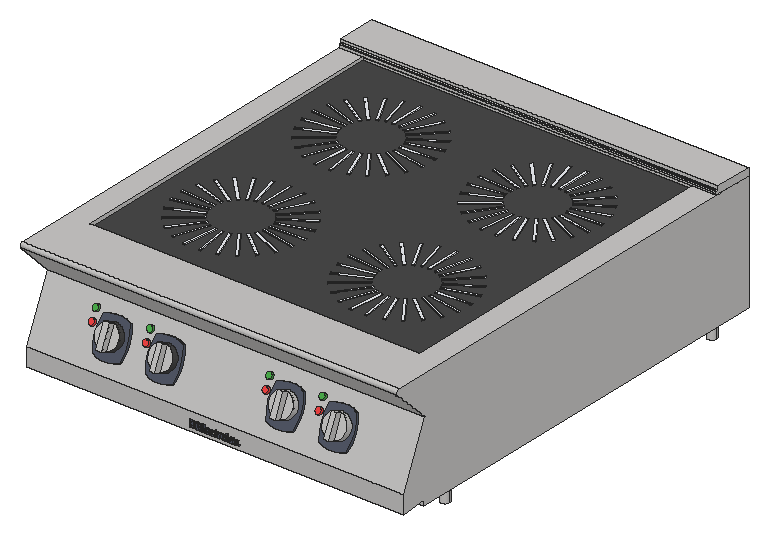
Revit family "QF_ELECTROLUXPROFESSIONAL_391169_E9INEH400N", category Specialty Equipment, Revit 2018
Family settings
  Round Connector Dimension = Use Diameter
  Part Type = Normal
  Work Plane-Based = No
  Always vertical = Yes
  Cut with Voids When Loaded = No
  Shared = No
  Room Calculation Point = No
Parameters
  Width = 800 mm  # constant formula
  Weight in Pounds = 75  # constant formula
  Watts = 20000 VA  # 20000 W
  Volts = 230 V  # constant formula
  URL Cutsheet = "www.electrolux.com/foodservice"
  URL = "www.electrolux.com/foodservice"
  Type Mark [instance] = ""
  Status [instance] = ""
  Specification by User [instance] = ""
  Specification by Manufacturer = ""
  Show Logo [instance] = yes
  Show Clearance [instance] = yes
  Serial Number = ""
  Seismic Rating = ""
  SMACNA No = ""
  Revision Code [instance] = ""
  Phase = 3  # constant formula
  Omniclass Number and Title = ""
  Number of Poles [instance] = 1
  NAFEM Spec ID Number = ""
  Model = "391169"
  Min Ckt Ampacity = 0 A
  Max Overcurrent Protection = 0 A
  Masterspec = ""
  Manufacturer = "ELECTROLUX"
  Item Number [instance] = ""
  Installed By [instance] = ""
  Identify Quantity as Lot [instance] = yes
  Height = 290 mm  # constant formula
  HP = "26.8 HP"
  Furnished By [instance] = ""
  Foodservice Equipment Identifier [instance] = yes
  FL Amps = if(Phase = 3, Watts / (Volts * 1.73), Watts / Volts)  # 50.2639 A
  Electrical Remarks [instance] = "230 V/3 ph/50/60 Hz"  # constant formula
  Electric Connection Type [instance] = ""
  Elec Conn RI Height [instance] = 0 mm
  Elec Conn Connection Height [instance] = 0 mm
  Direct Waste Size = 0"
  Description = "900XP 4 ZONE ELECTRIC INDUCTION COOKING TOP -230 V"
  Depth = 930 mm  # constant formula
  Cycle = if([60 Hertz Option], 60 Hz, 50 Hz)  # 60 Hz
  Conn Plug = ""
  Conn Conduit = yes
  CSI MasterFormat = ""
  CSI Master Format = ""
  Base Height [instance] = 24 mm  # constant formula
  Apparent Power = if(Phase = 3, Volts * FL Amps * 1.73, Volts * FL Amps)  # 20000 VA
  60 Hertz Option = not([50 Hertz Option])  # yes
  50 Hertz Option = no
Reference planes
  plane 1 "BACK": y = 0
  plane 2: z = 0
  plane 3 "LEFT": x = 0
  plane 4 "RIGHT": x = 800
  plane 5 "FRONT": y = -930
  plane 6 "TOP": z = 290
  plane 7 "Center Y": x = 400
  plane 8 "Center X": y = -465
  plane 9 "BASE": z = 24
  plane 10 "TOP A": z = 275
  plane 11: y = -790
  plane 12: y = -82
Forms (mm)
  Extrusion 1, solid, material "QF_Finishes_Stainless Steel"
    sketch origin (0, 0, 0) x (0, 1, 0) y (0, 0, 1)
      loop
        line (0, 275) -> (-925.027, 275)
        arc (-925.027, 275) -> (-930.893, 271.08) -> (-929.517, 264.16) r 6.35
        line (-929.517, 264.16) -> (-857.416, 191.809) -> (-913.522, 69.19) -> (-913.522, 31.09) -> (-860.4, 36.7) -> (-860.4, 24) -> (0, 24) -> (0, 275)
    from 0 to 800
  Extrusion 2, void
    sketch origin (0, 0, 275) x (-1, 0, 0) y (0, -1, 0)
      loop
        line (-50, 85) -> (-50, 810) -> (-750, 810) -> (-750, 85) -> (-50, 85)
    from 0 to -6.35
  Extrusion 3, solid, material "QF_Finishes_Stainless Steel"
    sketch origin (0, 0, 0) x (1, 0, 0) y (0, 1, 0)
      loop
        circle (11.112, -82) r 9.525
      loop
        circle (788.887, -82) r 9.525
    from 0 to 24
  Extrusion 4, solid, material "QF_Clearances", visible <- "Show Clearance", detail levels coarse
    sketch origin (0, 0, 0) x (1, 0, 0) y (0, 1, 0)
      loop
        line (0, -931.377) -> (0, 0) -> (800, 0) -> (800, -931.377) -> (950.019, -931.377) -> (950.019, 150.019) -> (-150.019, 150.019) -> (-150.019, -931.377) -> (0, -931.377)
    from 0 to 290
  Extrusion 5, solid, material "QF_Finishes_Navy Blue", visible <- "Show Logo"
    sketch origin (0, -913.522, 31.09) x (0, 0, 1) y (-1, 0, 0)
      loop
        line (22.074, -354.445) -> (9.707, -354.445)
        arc (9.707, -354.445) -> (15.891, -359.016) -> (22.074, -354.445) r 6.467
      loop
        arc (22.074, -353.816) -> (20.905, -348.673) -> (16.249, -346.195) r 6.338
        line (16.249, -346.195) -> (16.249, -348.241)
        arc (16.249, -348.241) -> (17.733, -351.896) -> (21.178, -353.816) r 5.941
        line (21.178, -353.816) -> (22.074, -353.816)
      loop
        arc (10.603, -353.816) -> (14.048, -351.896) -> (15.532, -348.241) r 5.941
        line (15.532, -348.241) -> (15.532, -346.195)
        arc (15.532, -346.195) -> (10.838, -348.669) -> (9.548, -353.816) r 6.504
        line (9.548, -353.816) -> (10.603, -353.816)
      loop
        line (22.749, -345.726) -> (9.004, -345.726) -> (9.004, -359.489) -> (22.749, -359.489) -> (22.749, -345.726)
      loop
        arc (22.832, -362.456) -> (22.485, -362.099) -> (22.118, -362.436) r 0.358
        arc (22.118, -362.436) -> (21.804, -363.187) -> (21.087, -363.572) r 1.216
        line (21.087, -363.572) -> (10.674, -363.572)
        arc (10.674, -363.572) -> (10.014, -363.294) -> (9.618, -362.698) r 1.238
        arc (9.618, -362.698) -> (9.223, -362.447) -> (8.918, -362.801) r 0.358
        line (8.918, -362.801) -> (8.918, -372.68) -> (11.669, -372.68) -> (11.669, -371.782)
        arc (11.669, -371.782) -> (10.76, -371.203) -> (10.304, -370.225) r 1.928
        line (10.304, -370.225) -> (10.304, -367.726)
        arc (10.304, -367.726) -> (10.58, -366.998) -> (11.268, -366.634) r 1.101
        line (11.268, -366.634) -> (15.355, -366.634) -> (15.355, -370.307)
        arc (15.355, -370.307) -> (15.002, -370.804) -> (14.437, -371.032) r 1.083
        arc (14.437, -371.032) -> (14.173, -371.337) -> (14.465, -371.615) r 0.292
        line (14.465, -371.615) -> (17.428, -371.615)
        arc (17.428, -371.615) -> (17.73, -371.343) -> (17.492, -371.013) r 0.305
        arc (17.492, -371.013) -> (17.001, -370.765) -> (16.696, -370.307) r 1.083
        line (16.696, -370.307) -> (16.696, -366.634) -> (21.373, -366.634) -> (21.373, -370.381)
        arc (21.373, -370.381) -> (21.159, -371.137) -> (20.553, -371.635) r 1.314
        arc (20.553, -371.635) -> (20.334, -372.039) -> (20.688, -372.331) r 0.361
        line (20.688, -372.331) -> (22.832, -372.331) -> (22.832, -362.456)
      loop
        arc (22.115, -373.112) -> (21.735, -374.03) -> (20.816, -374.411) r 1.299
        line (20.816, -374.411) -> (11.237, -374.411)
        arc (11.237, -374.411) -> (10.399, -374.033) -> (10.128, -373.155) r 1.118
        line (10.128, -373.155) -> (8.918, -373.155) -> (8.918, -378.505) -> (10.106, -378.505)
        arc (10.106, -378.505) -> (10.378, -377.588) -> (11.248, -377.191) r 1.153
        line (11.248, -377.191) -> (23.32, -377.191) -> (22.115, -373.112)
      loop
        line (13.883, -381.141) -> (13.883, -387.588) -> (14.682, -387.588)
        arc (14.682, -387.588) -> (17.262, -386.604) -> (18.531, -384.15) r 3.874
        line (18.531, -384.15) -> (18.531, -382.389)
        arc (18.531, -382.389) -> (17.344, -379.525) -> (14.48, -378.338) r 4.051
        line (14.48, -378.338) -> (12.472, -378.338)
        arc (12.472, -378.338) -> (9.653, -379.823) -> (8.602, -382.83) r 4.352
        arc (8.602, -382.83) -> (8.966, -385.294) -> (10.343, -387.368) r 5.713
        line (10.343, -387.368) -> (11.292, -387.368)
        arc (11.292, -387.368) -> (10.56, -385.799) -> (10.343, -384.081) r 5.579
        arc (10.343, -384.081) -> (11.137, -382.118) -> (13.016, -381.141) r 3.057
        line (13.016, -381.141) -> (13.883, -381.141)
      loop
        line (15.142, -381.141) -> (15.142, -384.723)
        arc (15.142, -384.723) -> (16.599, -384.77) -> (17.482, -383.61) r 1.59
        line (17.482, -383.61) -> (17.482, -382.781)
        arc (17.482, -382.781) -> (16.617, -381.525) -> (15.142, -381.141) r 2.184
      loop
        arc (17.933, -397.006) -> (18.422, -395.332) -> (18.579, -393.595) r 9.023
        line (18.579, -393.595) -> (18.579, -392.232)
        arc (18.579, -392.232) -> (17.42, -389.433) -> (14.62, -388.273) r 3.959
        line (14.62, -388.273) -> (12.02, -388.273)
        arc (12.02, -388.273) -> (9.738, -389.566) -> (8.621, -391.939) r 4.331
        line (8.621, -391.939) -> (8.621, -394.074)
        arc (8.621, -394.074) -> (9.129, -395.624) -> (10.051, -396.97) r 5.772
        arc (10.051, -396.97) -> (10.812, -397.02) -> (10.899, -396.262) r 0.553
        arc (10.899, -396.262) -> (10.511, -395.528) -> (10.377, -394.709) r 2.573
        line (10.377, -394.709) -> (10.377, -393.194)
        arc (10.377, -393.194) -> (11.383, -391.552) -> (13.198, -390.91) r 2.884
        line (13.198, -390.91) -> (14.477, -390.91)
        arc (14.477, -390.91) -> (16.298, -391.47) -> (17.224, -393.135) r 2.554
        line (17.224, -393.135) -> (17.224, -394.188)
        arc (17.224, -394.188) -> (16.893, -395.116) -> (16.236, -395.851) r 2.564
        arc (16.236, -395.851) -> (16.014, -396.568) -> (16.623, -397.006) r 0.643
        line (16.623, -397.006) -> (17.933, -397.006)
      loop
        line (16.915, -397.276) -> (16.915, -398.777) -> (10.867, -398.777)
        arc (10.867, -398.777) -> (9.279, -399.435) -> (8.621, -401.023) r 2.246
        line (8.621, -401.023) -> (8.621, -402.606)
        arc (8.621, -402.606) -> (8.935, -403.471) -> (9.435, -404.243) r 4.06
        arc (9.435, -404.243) -> (10.168, -404.376) -> (10.419, -403.675) r 0.576
        arc (10.419, -403.675) -> (10.313, -403.149) -> (10.377, -402.617) r 1.69
        arc (10.377, -402.617) -> (10.919, -401.829) -> (11.825, -401.525) r 1.506
        line (11.825, -401.525) -> (16.963, -401.525) -> (16.963, -403.923) -> (17.519, -404.479) -> (18.341, -404.479) -> (18.341, -401.619) -> (21.572, -401.619) -> (16.915, -397.276)
      loop
        line (8.838, -405.377) -> (8.838, -410.763) -> (9.948, -410.763)
        arc (9.948, -410.763) -> (10.342, -409.812) -> (11.293, -409.418) r 1.345
        line (11.293, -409.418) -> (14.909, -409.418)
        arc (14.909, -409.418) -> (15.674, -410.01) -> (15.964, -410.933) r 1.615
        line (15.964, -410.933) -> (15.964, -412.489) -> (18.519, -413.173) -> (18.519, -411.791) -> (16.577, -409.231) -> (18.457, -409.231) -> (18.173, -406.526)
        arc (18.173, -406.526) -> (17.733, -405.995) -> (17.074, -406.197) r 0.621
        arc (17.074, -406.197) -> (16.674, -406.539) -> (16.18, -406.721) r 1.501
        line (16.18, -406.721) -> (11.293, -406.721)
        arc (11.293, -406.721) -> (10.342, -406.328) -> (9.948, -405.377) r 1.345
        line (9.948, -405.377) -> (8.838, -405.377)
      loop
        line (14.94, -412.711) -> (12.248, -412.711)
        arc (12.248, -412.711) -> (9.803, -414.018) -> (8.669, -416.549) r 4.288
        arc (8.669, -416.549) -> (8.605, -417.929) -> (8.669, -419.31) r 15.022
        arc (8.669, -419.31) -> (9.803, -421.84) -> (12.248, -423.148) r 4.288
        line (12.248, -423.148) -> (14.94, -423.148)
        arc (14.94, -423.148) -> (17.386, -421.84) -> (18.519, -419.31) r 4.288
        arc (18.519, -419.31) -> (18.583, -417.929) -> (18.519, -416.549) r 15.022
        arc (18.519, -416.549) -> (17.386, -414.018) -> (14.94, -412.711) r 4.288
      loop
        line (15.145, -415.825) -> (12.043, -415.825)
        arc (12.043, -415.825) -> (9.886, -417.982) -> (12.043, -420.139) r 2.157
        line (12.043, -420.139) -> (15.145, -420.139)
        arc (15.145, -420.139) -> (17.302, -417.982) -> (15.145, -415.825) r 2.157
      loop
        arc (22.126, -423.006) -> (21.755, -423.9) -> (20.861, -424.271) r 1.264
        line (20.861, -424.271) -> (10.997, -424.271)
        arc (10.997, -424.271) -> (10.127, -423.874) -> (9.855, -422.957) r 1.153
        line (9.855, -422.957) -> (8.918, -422.957) -> (8.918, -428.066) -> (9.846, -428.066)
        arc (9.846, -428.066) -> (10.205, -427.293) -> (10.997, -426.979) r 1.153
        line (10.997, -426.979) -> (23.32, -426.979) -> (22.126, -423.006)
      loop
        arc (17.246, -427.603) -> (17.047, -428.668) -> (16.078, -429.15) r 1.215
        line (16.078, -429.15) -> (11.058, -429.15)
        arc (11.058, -429.15) -> (9.443, -429.797) -> (8.722, -431.38) r 2.338
        line (8.722, -431.38) -> (8.722, -432.894)
        arc (8.722, -432.894) -> (8.897, -433.898) -> (9.399, -434.785) r 2.979
        line (9.399, -434.785) -> (8.918, -436.581) -> (8.918, -438.27) -> (18.343, -438.27) -> (18.049, -434.067) -> (17.263, -434.067)
        arc (17.263, -434.067) -> (16.907, -434.903) -> (16.155, -435.411) r 1.605
        line (16.155, -435.411) -> (11.052, -435.411)
        arc (11.052, -435.411) -> (10.632, -434.475) -> (10.559, -433.451) r 2.94
        arc (10.559, -433.451) -> (11.12, -432.35) -> (12.273, -431.907) r 1.724
        line (12.273, -431.907) -> (18.47, -431.907) -> (17.246, -427.603)
      loop
        line (18.274, -439.123) -> (16.602, -441.17) -> (13.428, -443.476) -> (9.972, -440.363)
        arc (9.972, -440.363) -> (9.735, -439.97) -> (9.757, -439.511) r 0.789
        line (9.757, -439.511) -> (8.918, -439.511) -> (8.918, -443.056) -> (9.744, -443.056)
        arc (9.744, -443.056) -> (10.086, -442.694) -> (10.576, -442.786) r 0.52
        line (10.576, -442.786) -> (12.376, -444.257) -> (10.258, -445.632)
        arc (10.258, -445.632) -> (9.857, -445.322) -> (9.77, -444.823) r 0.7
        line (9.77, -444.823) -> (8.918, -444.823) -> (8.918, -450.75) -> (9.805, -450.75)
        arc (9.805, -450.75) -> (9.872, -450.091) -> (10.266, -449.559) r 1.247
        line (10.266, -449.559) -> (14.466, -446.278) -> (16.913, -448.332) -> (18.274, -450.074) -> (18.274, -446.35) -> (16.789, -446.772) -> (15.268, -445.496) -> (16.968, -444.305) -> (18.274, -445.082) -> (18.274, -439.123)
    from 0 to 1.644
  Extrusion 6, solid, material "QF_Finishes_Navy Blue"
    sketch origin (835.325, -913.522, 69.19) x (0, 0.416078, 0.909329) y (-1, 0, 0)
      loop
        arc (101.077, 704.335) -> (66.2, 711.352) -> (31.333, 704.29) r 89.894
        arc (31.333, 704.29) -> (24.638, 675.76) -> (31.333, 647.229) r 64.14
        arc (31.333, 647.229) -> (66.2, 640.164) -> (101.077, 647.185) r 89.853
        arc (101.077, 647.185) -> (107.792, 675.76) -> (101.077, 704.335) r 64.16
      loop
        arc (101.077, 591.835) -> (66.2, 598.852) -> (31.333, 591.79) r 89.894
        arc (31.333, 591.79) -> (24.638, 563.26) -> (31.333, 534.729) r 64.14
        arc (31.333, 534.729) -> (66.2, 527.664) -> (101.077, 534.685) r 89.853
        arc (101.077, 534.685) -> (107.792, 563.26) -> (101.077, 591.835) r 64.16
      loop
        arc (101.077, 166.315) -> (107.792, 194.89) -> (101.077, 223.465) r 64.16
        arc (101.077, 223.465) -> (66.2, 230.486) -> (31.333, 223.421) r 89.853
        arc (31.333, 223.421) -> (24.638, 194.89) -> (31.333, 166.36) r 64.14
        arc (31.333, 166.36) -> (66.2, 159.298) -> (101.077, 166.315) r 89.894
      loop
        arc (101.077, 278.815) -> (107.792, 307.39) -> (101.077, 335.965) r 64.16
        arc (101.077, 335.965) -> (66.2, 342.986) -> (31.333, 335.921) r 89.853
        arc (31.333, 335.921) -> (24.638, 307.39) -> (31.333, 278.86) r 64.14
        arc (31.333, 278.86) -> (66.2, 271.798) -> (101.077, 278.815) r 89.894
    from 0 to 3.175
  Extrusion 7, solid, material "QF_Finishes_Stainless Steel"
    sketch origin (835.325, -916.409, 70.511) x (0, 0.416078, 0.909329) y (-1, 0, 0)
      loop
        circle (68.826, 563.082) r 25.4
      loop
        circle (68.826, 676.832) r 25.4
      loop
        circle (68.826, 307.568) r 25.4
      loop
        circle (68.826, 193.818) r 25.4
    from 0 to 12.7
  Extrusion 8, solid, material "QF_Finishes_Stainless Steel"
    sketch origin (835.325, -927.958, 75.796) x (0, 0.416078, 0.909329) y (-1, 0, 0)
      loop
        line (93.558, 568.869) -> (44.094, 568.869)
        arc (44.094, 568.869) -> (43.426, 563.082) -> (44.094, 557.296) r 25.4
        line (44.094, 557.296) -> (93.558, 557.296)
        arc (93.558, 557.296) -> (94.226, 563.082) -> (93.558, 568.869) r 25.4
      loop
        line (93.558, 682.619) -> (44.094, 682.619)
        arc (44.094, 682.619) -> (43.426, 676.832) -> (44.094, 671.046) r 25.4
        line (44.094, 671.046) -> (93.558, 671.046)
        arc (93.558, 671.046) -> (94.226, 676.832) -> (93.558, 682.619) r 25.4
      loop
        arc (93.558, 301.781) -> (94.226, 307.568) -> (93.558, 313.354) r 25.4
        line (93.558, 313.354) -> (44.094, 313.354)
        arc (44.094, 313.354) -> (43.426, 307.568) -> (44.094, 301.781) r 25.4
        line (44.094, 301.781) -> (93.558, 301.781)
      loop
        arc (93.558, 188.031) -> (94.226, 193.818) -> (93.558, 199.604) r 25.4
        line (93.558, 199.604) -> (44.094, 199.604)
        arc (44.094, 199.604) -> (43.426, 193.818) -> (44.094, 188.031) r 25.4
        line (44.094, 188.031) -> (93.558, 188.031)
    from 0 to 12.7
  Extrusion 9, solid, material "QF_Finishes_Green"
    sketch origin (510.869, -909.361, 78.284) x (0, 0.416078, 0.909329) y (-1, 0, 0)
      loop
        circle (95.167, 397.721) r 6.35
      loop
        circle (95.167, 282.721) r 6.35
      loop
        circle (95.167, 29.352) r 6.35
      loop
        circle (95.167, -83.148) r 6.35
    from 0 to 3.175
  Extrusion 10, solid, material "QF_Finishes_Stainless Steel"
    sketch origin (0, -192.116, 268.65) x (-1, 0, 0) y (0, -1, 0)
      loop
        circle (-11.112, 597.884) r 9.525
      loop
        circle (-788.887, 597.884) r 9.525
    from -268.65 to -244.65
  Extrusion 11, solid, material "QF_Finishes_Stainless Steel"
    sketch origin (800, 0, 0) x (0, 1, 0) y (0, 0, 1)
      loop
        line (0, 290) -> (-80, 290) -> (-80, 283.447)
        arc (-80, 283.447) -> (-80.635, 281.914) -> (-82.167, 281.279) r 2.167
        line (-82.167, 281.279) -> (-83.733, 281.279)
        arc (-83.733, 281.279) -> (-84.629, 280.908) -> (-85, 280.012) r 1.267
        line (-85, 280.012) -> (-85, 275) -> (0, 275) -> (0, 290)
    from -800 to 0
  Extrusion 12, solid, material "QF_Finishes_Stainless Steel"
    sketch origin (0, 0, 275) x (0, 0, -1) y (-1, 0, 0)
      loop
        circle (220, -740) r 12.7
    from 0 to 12.7
  Extrusion 13, solid, material "QF_Finishes_Red"
    sketch origin (510.869, -919.763, 55.55) x (0, 0.416078, 0.909329) y (-1, 0, 0)
      loop
        circle (95.167, 397.721) r 6.35
      loop
        circle (95.167, 282.721) r 6.35
      loop
        circle (95.167, 29.352) r 6.35
      loop
        circle (95.167, -83.148) r 6.35
    from 0 to 3.175
Cuts and joins
  Extrusion 2 cuts Extrusion 1
Lines and regions (mm)
  symbolic lines, style "QF_Clearances", visible <- "Show Clearance", detail levels coarse
    curve 1: line (-150.019, 150.019, 275) -> (-150.019, -931.377, 275)
    curve 2: line (950.019, 150.019, 275) -> (-150.019, 150.019, 275)
    curve 3: line (950.019, -931.377, 275) -> (950.019, 150.019, 275)
  symbolic lines
    curve 4: line (0, 0, 275) -> (800, 0, 275)
    curve 5: line (0, -930, 275) -> (0, 0, 275)
    curve 6: line (800, 0, 275) -> (800, -930, 275)
    curve 7: line (800, -930, 275) -> (0, -930, 275)
    curve 8: line (726.512, -348.642, 268.65) -> (738.006, -348.642, 268.65)
    curve 9: line (726.512, -380.898, 268.65) -> (726.512, -348.642, 268.65)
    curve 10: line (738.006, -380.898, 268.65) -> (726.512, -380.898, 268.65)
    curve 11: line (738.006, -348.642, 268.65) -> (738.006, -380.898, 268.65)
    curve 12: line (50, -810, 268.65) -> (50, -110, 268.65)
    curve 13: line (50, -110, 268.65) -> (750, -110, 268.65)
    curve 14: line (750, -110, 268.65) -> (750, -810, 268.65)
    curve 15: line (750, -810, 268.65) -> (50, -810, 268.65)
    curve 16: line (0, -85, 268.65) -> (800, -85, 268.65)
    curve 17: line (0, -80, 268.65) -> (800, -80, 268.65)
Dimensions and locks
  equal spacing: plane 3 "LEFT", plane 7 "Center Y", plane 4 "RIGHT"
  "Width": plane 3 "LEFT" to plane 4 "RIGHT"
  equal spacing: plane 5 "FRONT", plane 8 "Center X", plane 1 "BACK"
  "Depth": plane 5 "FRONT" to plane 1 "BACK"
  "Height": plane 6 "TOP" to level
  "Base Height": plane 9 "BASE" to level
  plane 1 "BACK" to plane 5 "FRONT" = 930 mm
  plane 10 "TOP A" to plane 9 "BASE" = 251 mm  (x2)
  Extrusion 1 sketch curve to Extrusion 1 sketch curve to Extrusion 1 sketch curve to Extrusion 1 sketch curve to Extrusion 1 sketch curve to Extrusion 1 sketch curve to Extrusion 1 sketch curve to plane 5 "FRONT" = 2.984 mm locked, 0 mm locked, 53.122 mm locked, 0 mm locked, 11.505 mm locked, 4.49 mm locked, 0.483 mm locked
  locked: plane 5 "FRONT" to Extrusion 2 sketch curve at 120
  plane 1 "BACK" to plane 12 = 82 mm
  locked: plane 12 to plane 11 at 708
  plane 6 "TOP" to level = 290 mm
  plane 9 "BASE" to level = 24 mm
  plane 11 to plane 12 to plane 1 "BACK" = 708 mm, 82 mm
  plane 9 "BASE" to plane 2 = 24 mm
  aligned and locked: level to plane 2
  aligned and locked: plane 4 "RIGHT" to Extrusion 1
  aligned and locked: Extrusion 3 to plane 9 "BASE"
  aligned and locked: plane 6 "TOP" to Extrusion 4
  aligned and locked: curve 15 to cut or joined group of Extrusion 1, Extrusion 2
  aligned and locked: plane 9 "BASE" to Extrusion 10
  aligned and locked: Extrusion 11 to plane 3 "LEFT"
  aligned and locked: plane 4 "RIGHT" to Extrusion 11
  aligned and locked: Extrusion 10 to level
  aligned and locked: plane 11 to Extrusion 10
Automatic sketch dimensions
  Extrusion 1 sketch curve to plane 1 "BACK" = 0 mm
  Extrusion 1 sketch curve to plane 9 "BASE" = 0 mm
  Extrusion 1 sketch curve to plane 10 "TOP A" = 0 mm
  plane 9 "BASE" to Extrusion 1 sketch curve = 7.09 mm
  plane 9 "BASE" to Extrusion 1 sketch curve = 12.7 mm
  Extrusion 1 sketch curve to Extrusion 1 sketch curve = 38.1 mm
  Extrusion 1 sketch curve to plane 10 "TOP A" = 83.191 mm
  Extrusion 1 sketch curve to plane 10 "TOP A" = 10.84 mm
  plane 12 to Extrusion 2 sketch curve = 3 mm
  Extrusion 2 sketch curve to plane 4 "RIGHT" = 50 mm
  plane 3 "LEFT" to Extrusion 2 sketch curve = 50 mm
  plane 12 to Extrusion 3 sketch curve = 0 mm  (x2)
  plane 3 "LEFT" to Extrusion 3 sketch curve = 11.112 mm
  Extrusion 3 sketch curve to plane 4 "RIGHT" = 11.113 mm
  plane 1 "BACK" to Extrusion 4 sketch curve = 0 mm
  Extrusion 4 sketch curve to plane 3 "LEFT" = 0 mm
  Extrusion 4 sketch curve to plane 4 "RIGHT" = 0 mm
  Extrusion 4 sketch curve to plane 3 "LEFT" = 150.019 mm
  plane 5 "FRONT" to Extrusion 4 sketch curve = 1.377 mm  (x2)
  plane 4 "RIGHT" to Extrusion 4 sketch curve = 150.019 mm
  Extrusion 4 sketch curve to plane 1 "BACK" = 150.019 mm
  curve 6 to plane 4 "RIGHT" = 0 mm
  curve 5 to plane 3 "LEFT" = 0 mm
  plane 1 "BACK" to curve 5 = 0 mm
  plane 5 "FRONT" to curve 7 = 0 mm
  plane 4 "RIGHT" to curve 3 = 150.019 mm
  plane 5 "FRONT" to curve 1 = 1.377 mm
  curve 1 to plane 3 "LEFT" = 150.019 mm
  curve 1 to plane 1 "BACK" = 150.019 mm
  plane 5 "FRONT" to curve 3 = 1.377 mm
  Extrusion 2 to curve 16 = 0 mm
  curve 15 to Extrusion 2 = 0 mm  (x2)
  Extrusion 2 to curve 17 = 5 mm
  Extrusion 2 to curve 17 = 50 mm  (x2)
  curve 16 to curve 17 = 0 mm  (x2)
  curve 11 to Extrusion 2 = 11.994 mm
  curve 10 to curve 9 = 11.495 mm
  curve 14 to Extrusion 2 = 25 mm
  curve 13 to curve 8 = 238.642 mm
  curve 8 to curve 10 = 32.256 mm
  Extrusion 5 sketch curve to Extrusion 1 = 3.561 mm
  Extrusion 5 sketch curve to Extrusion 1 = 8.602 mm
  Extrusion 5 sketch curve to Extrusion 1 = 8.621 mm  (x2)
  Extrusion 5 sketch curve to Extrusion 5 sketch curve = 5.108 mm  (x2)
  Extrusion 5 sketch curve to Extrusion 5 sketch curve = 0 mm  (x27)
  Extrusion 5 sketch curve to Extrusion 1 = 8.722 mm
  Extrusion 5 sketch curve to Extrusion 5 sketch curve = 0.218 mm
  Extrusion 5 sketch curve to Extrusion 5 sketch curve = 0.195 mm
  Extrusion 5 sketch curve to Extrusion 5 sketch curve = 0.249 mm
  Extrusion 5 sketch curve to Extrusion 1 = 8.918 mm
  Extrusion 5 sketch curve to Extrusion 5 sketch curve = 0.087 mm
  Extrusion 5 sketch curve to Extrusion 5 sketch curve = 0.358 mm
  Extrusion 5 sketch curve to Extrusion 5 sketch curve = 0.481 mm
  Extrusion 5 sketch curve to Extrusion 5 sketch curve = 0.597 mm
  Extrusion 5 sketch curve to Extrusion 5 sketch curve = 0.544 mm
  Extrusion 5 sketch curve to Extrusion 5 sketch curve = 0.936 mm
  Extrusion 5 sketch curve to Extrusion 5 sketch curve = 0.594 mm
  Extrusion 5 sketch curve to Extrusion 5 sketch curve = 0.343 mm
  Extrusion 5 sketch curve to Extrusion 5 sketch curve = 0.159 mm
  Extrusion 5 sketch curve to Extrusion 5 sketch curve = 0.826 mm
  Extrusion 5 sketch curve to Extrusion 5 sketch curve = 0.839 mm
  Extrusion 5 sketch curve to Extrusion 5 sketch curve = 0.852 mm
  Extrusion 5 sketch curve to Extrusion 5 sketch curve = 0.887 mm
  Extrusion 5 sketch curve to Extrusion 5 sketch curve = 0.928 mm
  Extrusion 5 sketch curve to Extrusion 5 sketch curve = 0.938 mm
  Extrusion 5 sketch curve to Extrusion 5 sketch curve = 0.444 mm
  Extrusion 5 sketch curve to Extrusion 5 sketch curve = 1.11 mm  (x3)
  Extrusion 5 sketch curve to Extrusion 5 sketch curve = 0.215 mm
  Extrusion 5 sketch curve to Extrusion 5 sketch curve = 1.43 mm
  Extrusion 5 sketch curve to Extrusion 5 sketch curve = 1.188 mm
  Extrusion 5 sketch curve to Extrusion 5 sketch curve = 1.21 mm  (x2)
  Extrusion 5 sketch curve to Extrusion 5 sketch curve = 0.503 mm
  Extrusion 5 sketch curve to Extrusion 5 sketch curve = 0.488 mm
  Extrusion 5 sketch curve to Extrusion 5 sketch curve = 0.462 mm
  Extrusion 5 sketch curve to Extrusion 5 sketch curve = 1.386 mm
  Extrusion 5 sketch curve to Extrusion 5 sketch curve = 1.742 mm  (x2)
  Extrusion 5 sketch curve to Extrusion 5 sketch curve = 0.821 mm
  Extrusion 5 sketch curve to Extrusion 5 sketch curve = 0.497 mm
  Extrusion 5 sketch curve to Extrusion 5 sketch curve = 0.539 mm
  Extrusion 5 sketch curve to Extrusion 5 sketch curve = 0.686 mm
  Extrusion 5 sketch curve to Extrusion 5 sketch curve = 0.408 mm
  Extrusion 5 sketch curve to Extrusion 5 sketch curve = 0.743 mm
  Extrusion 5 sketch curve to Extrusion 5 sketch curve = 1.16 mm
  Extrusion 5 sketch curve to Extrusion 5 sketch curve = 0.329 mm
  Extrusion 5 sketch curve to Extrusion 5 sketch curve = 1.054 mm
  Extrusion 5 sketch curve to Extrusion 5 sketch curve = 1.056 mm
  Extrusion 5 sketch curve to Extrusion 5 sketch curve = 0.129 mm
  Extrusion 5 sketch curve to Extrusion 5 sketch curve = 0.489 mm
  Extrusion 5 sketch curve to Extrusion 5 sketch curve = 0.441 mm
  Extrusion 5 sketch curve to Extrusion 5 sketch curve = 1.151 mm
  Extrusion 5 sketch curve to Extrusion 5 sketch curve = 1.141 mm  (x2)
  Extrusion 5 sketch curve to Extrusion 5 sketch curve = 0.768 mm
  Extrusion 5 sketch curve to Extrusion 5 sketch curve = 1.653 mm
  Extrusion 5 sketch curve to Extrusion 5 sketch curve = 0.499 mm
  Extrusion 5 sketch curve to Extrusion 5 sketch curve = 0.964 mm
  Extrusion 5 sketch curve to Extrusion 5 sketch curve = 0.949 mm
  Extrusion 5 sketch curve to Extrusion 5 sketch curve = 1.345 mm  (x3)
  Extrusion 5 sketch curve to Extrusion 5 sketch curve = 1.101 mm
  Extrusion 5 sketch curve to Extrusion 5 sketch curve = 0.432 mm
  Extrusion 5 sketch curve to Extrusion 5 sketch curve = 1.142 mm
  Extrusion 5 sketch curve to Extrusion 5 sketch curve = 0.959 mm
  Extrusion 5 sketch curve to Extrusion 5 sketch curve = 0.176 mm
  Extrusion 5 sketch curve to Extrusion 5 sketch curve = 0.728 mm
  Extrusion 5 sketch curve to Extrusion 5 sketch curve = 3.375 mm  (x2)
  Extrusion 5 sketch curve to Extrusion 5 sketch curve = 0.541 mm
  Extrusion 5 sketch curve to Extrusion 5 sketch curve = 0.955 mm
  Extrusion 5 sketch curve to Extrusion 5 sketch curve = 1.251 mm
  Extrusion 5 sketch curve to Extrusion 5 sketch curve = 0.572 mm
  Extrusion 5 sketch curve to Extrusion 5 sketch curve = 1.92 mm
  Extrusion 5 sketch curve to Extrusion 5 sketch curve = 1.224 mm
  Extrusion 5 sketch curve to Extrusion 5 sketch curve = 0.745 mm
  Extrusion 5 sketch curve to Extrusion 5 sketch curve = 2.537 mm
  Extrusion 5 sketch curve to Extrusion 5 sketch curve = 0.896 mm  (x3)
  Extrusion 5 sketch curve to Extrusion 5 sketch curve = 0.036 mm
  Extrusion 5 sketch curve to Extrusion 5 sketch curve = 2.607 mm
  Extrusion 5 sketch curve to Extrusion 5 sketch curve = 0.066 mm
  Extrusion 5 sketch curve to Extrusion 5 sketch curve = 0.248 mm
  Extrusion 5 sketch curve to Extrusion 5 sketch curve = 0.449 mm
  Extrusion 5 sketch curve to Extrusion 5 sketch curve = 1.052 mm
  Extrusion 5 sketch curve to Extrusion 5 sketch curve = 1.863 mm
  Extrusion 5 sketch curve to Extrusion 5 sketch curve = 1.31 mm  (x2)
  Extrusion 5 sketch curve to Extrusion 5 sketch curve = 0.901 mm
  Extrusion 5 sketch curve to Extrusion 5 sketch curve = 1.107 mm
  Extrusion 5 sketch curve to Extrusion 5 sketch curve = 2.122 mm
  Extrusion 5 sketch curve to Extrusion 5 sketch curve = 2.101 mm
  Extrusion 5 sketch curve to Extrusion 5 sketch curve = 0.106 mm
  Extrusion 5 sketch curve to Extrusion 5 sketch curve = 0.029 mm
  Extrusion 5 sketch curve to Extrusion 5 sketch curve = 2.09 mm
  Extrusion 5 sketch curve to Extrusion 5 sketch curve = 1.279 mm
  Extrusion 5 sketch curve to Extrusion 5 sketch curve = 2.008 mm
  Extrusion 5 sketch curve to Extrusion 5 sketch curve = 0.738 mm
  Extrusion 5 sketch curve to Extrusion 5 sketch curve = 0.382 mm
  Extrusion 5 sketch curve to Extrusion 5 sketch curve = 0.384 mm
  Extrusion 5 sketch curve to Extrusion 5 sketch curve = 0.002 mm
  Extrusion 5 sketch curve to Extrusion 5 sketch curve = 0.561 mm
  Extrusion 5 sketch curve to Extrusion 5 sketch curve = 0.592 mm
  Extrusion 5 sketch curve to Extrusion 5 sketch curve = 2.692 mm
  Extrusion 5 sketch curve to Extrusion 5 sketch curve = 1.259 mm
  Extrusion 5 sketch curve to Extrusion 5 sketch curve = 0.802 mm
  Extrusion 5 sketch curve to Extrusion 5 sketch curve = 1.024 mm  (x2)
  Extrusion 5 sketch curve to Extrusion 5 sketch curve = 0.682 mm
  Extrusion 5 sketch curve to Extrusion 5 sketch curve = 5.934 mm
  Extrusion 5 sketch curve to Extrusion 5 sketch curve = 2.186 mm
  Extrusion 5 sketch curve to Extrusion 5 sketch curve = 0.337 mm
  Extrusion 5 sketch curve to Extrusion 5 sketch curve = 0.021 mm
  Extrusion 5 sketch curve to Extrusion 5 sketch curve = 1.005 mm
  Extrusion 5 sketch curve to Extrusion 5 sketch curve = 0.552 mm
  Extrusion 5 sketch curve to Extrusion 5 sketch curve = 0.778 mm
  Extrusion 5 sketch curve to Extrusion 5 sketch curve = 0.063 mm
  Extrusion 5 sketch curve to Extrusion 5 sketch curve = 1.023 mm
  Extrusion 5 sketch curve to Extrusion 5 sketch curve = 3.804 mm
  Extrusion 5 sketch curve to Extrusion 5 sketch curve = 0.486 mm
  Extrusion 5 sketch curve to Extrusion 5 sketch curve = 0.266 mm
  Extrusion 5 sketch curve to Extrusion 5 sketch curve = 1.547 mm
  Extrusion 5 sketch curve to Extrusion 5 sketch curve = 0.717 mm  (x2)
  Extrusion 5 sketch curve to Extrusion 5 sketch curve = 1.667 mm
  Extrusion 5 sketch curve to Extrusion 5 sketch curve = 3.174 mm
  Extrusion 5 sketch curve to Extrusion 5 sketch curve = 0.388 mm
  Extrusion 5 sketch curve to Extrusion 5 sketch curve = 1.342 mm
  Extrusion 5 sketch curve to Extrusion 5 sketch curve = 1.521 mm
  Extrusion 5 sketch curve to Extrusion 5 sketch curve = 0.124 mm
  Extrusion 5 sketch curve to Extrusion 5 sketch curve = 0.291 mm
  Extrusion 5 sketch curve to Extrusion 5 sketch curve = 1.049 mm  (x2)
  Extrusion 5 sketch curve to Extrusion 5 sketch curve = 1.7 mm
  Extrusion 5 sketch curve to Extrusion 5 sketch curve = 0.894 mm
  Extrusion 5 sketch curve to Extrusion 5 sketch curve = 0.989 mm
  Extrusion 5 sketch curve to Extrusion 5 sketch curve = 1.168 mm
  Extrusion 5 sketch curve to Extrusion 5 sketch curve = 1.594 mm
  Extrusion 5 sketch curve to Extrusion 5 sketch curve = 0.731 mm
  Extrusion 5 sketch curve to Extrusion 5 sketch curve = 1.566 mm
  Extrusion 5 sketch curve to Extrusion 5 sketch curve = 0.064 mm
  Extrusion 5 sketch curve to Extrusion 5 sketch curve = 0.556 mm  (x2)
  Extrusion 5 sketch curve to Extrusion 5 sketch curve = 0.48 mm
  Extrusion 5 sketch curve to Extrusion 5 sketch curve = 1.018 mm
  Extrusion 5 sketch curve to Extrusion 5 sketch curve = 0.787 mm
  Extrusion 5 sketch curve to Extrusion 5 sketch curve = 0.618 mm
  Extrusion 5 sketch curve to Extrusion 5 sketch curve = 1.672 mm
  Extrusion 5 sketch curve to Extrusion 5 sketch curve = 1.361 mm
  Extrusion 5 sketch curve to Extrusion 5 sketch curve = 0.822 mm
  Extrusion 5 sketch curve to Extrusion 5 sketch curve = 0.069 mm
  Extrusion 5 sketch curve to Extrusion 5 sketch curve = 1.88 mm
  Extrusion 5 sketch curve to Extrusion 5 sketch curve = 0.42 mm
  Extrusion 5 sketch curve to Extrusion 5 sketch curve = 0.062 mm
  Extrusion 5 sketch curve to Extrusion 5 sketch curve = 1.355 mm
  Extrusion 5 sketch curve to Extrusion 5 sketch curve = 2.34 mm
  Extrusion 5 sketch curve to Extrusion 5 sketch curve = 0.493 mm
  Extrusion 5 sketch curve to Extrusion 5 sketch curve = 0.136 mm
  Extrusion 5 sketch curve to Extrusion 5 sketch curve = 0.128 mm
  Extrusion 5 sketch curve to Extrusion 5 sketch curve = 3.616 mm
  Extrusion 5 sketch curve to Extrusion 5 sketch curve = 4.207 mm
  Extrusion 5 sketch curve to Extrusion 5 sketch curve = 0.183 mm
  Extrusion 5 sketch curve to Extrusion 5 sketch curve = 0.895 mm
  Extrusion 5 sketch curve to Extrusion 5 sketch curve = 1.314 mm
  Extrusion 5 sketch curve to Extrusion 5 sketch curve = 3.231 mm
  Extrusion 5 sketch curve to Extrusion 5 sketch curve = 1.299 mm
  Extrusion 5 sketch curve to Extrusion 5 sketch curve = 1.214 mm
  Extrusion 5 sketch curve to Extrusion 5 sketch curve = 1.264 mm
  Extrusion 5 sketch curve to Extrusion 5 sketch curve = 0.109 mm
  Extrusion 5 sketch curve to Extrusion 5 sketch curve = 0.357 mm
  Extrusion 5 sketch curve to Extrusion 5 sketch curve = 0.565 mm
  Extrusion 5 sketch curve to Extrusion 5 sketch curve = 2.504 mm
  Extrusion 5 sketch curve to Extrusion 5 sketch curve = 2.459 mm
  Extrusion 1 to Extrusion 5 sketch curve = 349.25 mm
  Extrusion 5 sketch curve to Extrusion 5 sketch curve = 0.208 mm
  Extrusion 5 sketch curve to Extrusion 5 sketch curve = 0.468 mm  (x2)
  Extrusion 5 sketch curve to Extrusion 5 sketch curve = 1.559 mm
  Extrusion 5 sketch curve to Extrusion 5 sketch curve = 0.422 mm  (x2)
  Extrusion 5 sketch curve to Extrusion 5 sketch curve = 0.494 mm
  Extrusion 5 sketch curve to Extrusion 5 sketch curve = 3.927 mm
  Extrusion 5 sketch curve to Extrusion 5 sketch curve = 0.782 mm
  Extrusion 5 sketch curve to Extrusion 5 sketch curve = 1.268 mm
  Extrusion 5 sketch curve to Extrusion 5 sketch curve = 0.671 mm
  Extrusion 5 sketch curve to Extrusion 5 sketch curve = 0.777 mm
  Extrusion 5 sketch curve to Extrusion 5 sketch curve = 0.704 mm
  Extrusion 5 sketch curve to Extrusion 5 sketch curve = 0.781 mm  (x2)
  Extrusion 5 sketch curve to Extrusion 5 sketch curve = 1.634 mm
  Extrusion 5 sketch curve to Extrusion 5 sketch curve = 0.132 mm
  Extrusion 5 sketch curve to Extrusion 5 sketch curve = 3.136 mm
  Extrusion 5 sketch curve to Extrusion 5 sketch curve = 2.422 mm
  Extrusion 5 sketch curve to Extrusion 5 sketch curve = 0.586 mm
  Extrusion 5 sketch curve to Extrusion 5 sketch curve = 2.046 mm  (x2)
  Extrusion 5 sketch curve to Extrusion 5 sketch curve = 1.241 mm
  Extrusion 5 sketch curve to Extrusion 5 sketch curve = 1.689 mm
  Extrusion 5 sketch curve to Extrusion 5 sketch curve = 2.859 mm
  Extrusion 5 sketch curve to Extrusion 5 sketch curve = 0.627 mm
  Extrusion 5 sketch curve to Extrusion 5 sketch curve = 0.863 mm
  Extrusion 5 sketch curve to Extrusion 5 sketch curve = 0.419 mm
  Extrusion 5 sketch curve to Extrusion 5 sketch curve = 1.514 mm
  Extrusion 5 sketch curve to Extrusion 5 sketch curve = 1.019 mm
  Extrusion 5 sketch curve to Extrusion 5 sketch curve = 0.065 mm
  Extrusion 5 sketch curve to Extrusion 5 sketch curve = 1.215 mm
  Extrusion 5 sketch curve to Extrusion 5 sketch curve = 2.708 mm
  Extrusion 5 sketch curve to Extrusion 5 sketch curve = 1.122 mm
  Extrusion 5 sketch curve to Extrusion 5 sketch curve = 1.153 mm
  Extrusion 5 sketch curve to Extrusion 5 sketch curve = 3.009 mm
  Extrusion 5 sketch curve to Extrusion 5 sketch curve = 0.829 mm  (x2)
  Extrusion 5 sketch curve to Extrusion 5 sketch curve = 0.934 mm
  Extrusion 5 sketch curve to Extrusion 5 sketch curve = 3.376 mm
  Extrusion 5 sketch curve to Extrusion 5 sketch curve = 0.222 mm
  Extrusion 5 sketch curve to Extrusion 5 sketch curve = 1.383 mm
  Extrusion 5 sketch curve to Extrusion 5 sketch curve = 1.556 mm
  Extrusion 5 sketch curve to Extrusion 5 sketch curve = 2.559 mm
  Extrusion 5 sketch curve to Extrusion 5 sketch curve = 2.51 mm
  Extrusion 5 sketch curve to Extrusion 5 sketch curve = 0.131 mm
  Extrusion 5 sketch curve to Extrusion 5 sketch curve = 1.717 mm
  Extrusion 5 sketch curve to Extrusion 5 sketch curve = 1.134 mm
  Extrusion 5 sketch curve to Extrusion 5 sketch curve = 0.366 mm
  Extrusion 5 sketch curve to Extrusion 5 sketch curve = 0.094 mm
  Extrusion 5 sketch curve to Extrusion 5 sketch curve = 1.584 mm
  Extrusion 5 sketch curve to Extrusion 5 sketch curve = 1.501 mm
  Extrusion 5 sketch curve to Extrusion 5 sketch curve = 0.27 mm
  Extrusion 5 sketch curve to Extrusion 5 sketch curve = 1.808 mm
  Extrusion 5 sketch curve to Extrusion 5 sketch curve = 0.643 mm
  Extrusion 5 sketch curve to Extrusion 5 sketch curve = 0.916 mm
  Extrusion 5 sketch curve to Extrusion 5 sketch curve = 0.352 mm
  Extrusion 5 sketch curve to Extrusion 5 sketch curve = 0.458 mm
  Extrusion 5 sketch curve to Extrusion 5 sketch curve = 1.282 mm
  Extrusion 5 sketch curve to Extrusion 5 sketch curve = 1.363 mm
  Extrusion 5 sketch curve to Extrusion 5 sketch curve = 0.685 mm
  Extrusion 5 sketch curve to Extrusion 5 sketch curve = 0.905 mm
  Extrusion 5 sketch curve to Extrusion 5 sketch curve = 2.865 mm
  Extrusion 5 sketch curve to Extrusion 5 sketch curve = 0.472 mm
  Extrusion 5 sketch curve to Extrusion 5 sketch curve = 0.101 mm
  Extrusion 5 sketch curve to Extrusion 5 sketch curve = 0.54 mm
  Extrusion 5 sketch curve to Extrusion 5 sketch curve = 0.02 mm
  Extrusion 5 sketch curve to Extrusion 5 sketch curve = 0.582 mm
  Extrusion 5 sketch curve to Extrusion 5 sketch curve = 0.166 mm
  Extrusion 5 sketch curve to Extrusion 5 sketch curve = 0.16 mm
  Extrusion 5 sketch curve to Extrusion 5 sketch curve = 2.781 mm
  Extrusion 5 sketch curve to Extrusion 5 sketch curve = 1.118 mm
  Extrusion 5 sketch curve to Extrusion 5 sketch curve = 0.613 mm
  Extrusion 5 sketch curve to Extrusion 5 sketch curve = 0.361 mm
  Extrusion 5 sketch curve to Extrusion 5 sketch curve = 0.897 mm
  Extrusion 5 sketch curve to Extrusion 5 sketch curve = 0.167 mm
  Extrusion 5 sketch curve to Extrusion 5 sketch curve = 0.292 mm
  Extrusion 5 sketch curve to Extrusion 5 sketch curve = 0.305 mm
  Extrusion 5 sketch curve to Extrusion 5 sketch curve = 1.557 mm
  Extrusion 5 sketch curve to Extrusion 5 sketch curve = 2.499 mm
  Extrusion 5 sketch curve to Extrusion 5 sketch curve = 3.062 mm
  Extrusion 5 sketch curve to Extrusion 5 sketch curve = 2.968 mm
  Extrusion 5 sketch curve to Extrusion 5 sketch curve = 5.044 mm
  Extrusion 5 sketch curve to Extrusion 5 sketch curve = 0.629 mm  (x2)
  Extrusion 5 sketch curve to Extrusion 5 sketch curve = 1.131 mm
  Extrusion 5 sketch curve to Extrusion 5 sketch curve = 0.137 mm
  Extrusion 5 sketch curve to Extrusion 5 sketch curve = 0.027 mm
  Extrusion 5 sketch curve to Extrusion 5 sketch curve = 2.235 mm
  Extrusion 6 sketch curve to Extrusion 1 = 31.333 mm  (x8)
  Extrusion 6 sketch curve to Extrusion 6 sketch curve = 12.3 mm  (x12)
  Extrusion 6 sketch curve to Extrusion 6 sketch curve = 34.925 mm  (x6)
  Extrusion 6 sketch curve to Extrusion 6 sketch curve = 0 mm  (x2)
  Extrusion 6 sketch curve to Extrusion 6 sketch curve = 45.146 mm  (x4)
  Extrusion 1 to Extrusion 6 sketch curve = 105.308 mm
  Extrusion 6 sketch curve to Extrusion 6 sketch curve = 25.683 mm  (x2)
  Extrusion 6 sketch curve to Extrusion 6 sketch curve = 25.727 mm  (x4)
  Extrusion 6 sketch curve to Extrusion 6 sketch curve = 28.575 mm  (x2)
  Extrusion 6 sketch curve to Extrusion 6 sketch curve = 3.94 mm  (x2)
  Extrusion 6 sketch curve to Extrusion 6 sketch curve = 147.265 mm
  Extrusion 6 sketch curve to Extrusion 6 sketch curve = 25.771 mm  (x2)
  Extrusion 6 sketch curve to Extrusion 6 sketch curve = 28.531 mm  (x2)
  Extrusion 7 sketch curve to Extrusion 7 sketch curve = 0 mm  (x3)
  Extrusion 7 sketch curve to Extrusion 7 sketch curve = 113.75 mm  (x2)
  Extrusion 7 sketch curve to Extrusion 7 sketch curve = 255.515 mm
  Extrusion 8 sketch curve to Extrusion 8 sketch curve = 24.732 mm  (x4)
  Extrusion 8 sketch curve to Extrusion 8 sketch curve = 0 mm  (x4)
  Extrusion 1 to Extrusion 9 sketch curve = 29.678 mm  (x4)
  Extrusion 1 to Extrusion 9 sketch curve = 205.983 mm
  Extrusion 9 sketch curve to Extrusion 9 sketch curve = 112.5 mm
  Extrusion 1 to Extrusion 9 sketch curve = 228.148 mm
  Extrusion 1 to Extrusion 9 sketch curve = 113.148 mm
  Extrusion 2 to Extrusion 10 sketch curve = 38.887 mm
  Extrusion 2 to Extrusion 10 sketch curve = 38.888 mm
  Extrusion 10 sketch curve to Extrusion 2 = 20 mm  (x2)
  Extrusion 11 sketch curve to plane 10 "TOP A" = 0 mm
  Extrusion 11 sketch curve to plane 6 "TOP" = 0 mm
  Extrusion 11 sketch curve to plane 1 "BACK" = 0 mm
  Extrusion 11 sketch curve to plane 12 = 2 mm
  plane 12 to Extrusion 11 sketch curve = 0.167 mm
  Extrusion 11 sketch curve to Extrusion 11 sketch curve = 1.566 mm
  plane 12 to Extrusion 11 sketch curve = 3 mm
  Extrusion 11 sketch curve to Extrusion 11 sketch curve = 5.012 mm
  Extrusion 1 to Extrusion 12 sketch curve = 31 mm
  Extrusion 1 to Extrusion 12 sketch curve = 60 mm
  Extrusion 1 to Extrusion 13 sketch curve = 54.678 mm  (x4)
  Extrusion 1 to Extrusion 13 sketch curve = 205.983 mm
  Extrusion 13 sketch curve to Extrusion 13 sketch curve = 112.5 mm
  Extrusion 1 to Extrusion 13 sketch curve = 228.148 mm
  Extrusion 1 to Extrusion 13 sketch curve = 113.148 mm
  radius of Extrusion 3 sketch curve = 9.525 mm  (x2)
  radius of Extrusion 7 sketch curve = 25.4 mm  (x4)
  radius of Extrusion 8 sketch curve to Extrusion 7 = 0 mm  (x8)
  radius of Extrusion 9 sketch curve = 6.35 mm  (x4)
  radius of Extrusion 10 sketch curve = 9.525 mm  (x2)
  radius of Extrusion 12 sketch curve = 12.7 mm
  radius of Extrusion 13 sketch curve = 6.35 mm  (x4)
Nested families
  nested 1: "INDUCTION BURNER" at (92.726, -148.911, 268.65), type "INDUCTION BURNER"
    with Type Mark "", Status "", Specification by User "", Revision Code "", Item Number "", Installed By "", Identify Quantity as Lot yes, Furnished By "", Foodservice Equipment Identifier yes
  nested 2: "INDUCTION BURNER" at (92.726, -494.622, 268.65), type "INDUCTION BURNER"
    with Type Mark "", Status "", Specification by User "", Revision Code "", Item Number "", Installed By "", Identify Quantity as Lot yes, Furnished By "", Foodservice Equipment Identifier yes
  nested 3: "INDUCTION BURNER" at (445.576, -148.911, 268.65), type "INDUCTION BURNER"
    with Type Mark "", Status "", Specification by User "", Revision Code "", Item Number "", Installed By "", Identify Quantity as Lot yes, Furnished By "", Foodservice Equipment Identifier yes
  nested 4: "INDUCTION BURNER" at (445.576, -494.622, 268.65), type "INDUCTION BURNER"
    with Type Mark "", Status "", Specification by User "", Revision Code "", Item Number "", Installed By "", Identify Quantity as Lot yes, Furnished By "", Foodservice Equipment Identifier yes
Connectors
  electrical at (740, 12.7, 55), driven by "Volts", driven by "Watts"
    settings: on Extrusion 12, index 1, voltage 230 V, apparent load 20000 VA, apparent load phase1 0 VA, apparent load phase2 0 VA, apparent load phase3 0 VA, power factor 1, load classification "Other", number of poles 1, system type 30, power factor state 1, is connector primary yes, connector utility no, sub classification motor no, connector description "ELECTRICAL CONNECTION"
Definition of nested family "INDUCTION BURNER"
  Parameters
    Weight in Pounds = 0
    URL Cutsheet = ""
    Type Mark [instance] = ""
    Status [instance] = ""
    Specification by User [instance] = ""
    Specification by Manufacturer = ""
    Serial Number = ""
    Seismic Rating = ""
    SMACNA No = ""
    Revision Code [instance] = ""
    Omniclass Number and Title = ""
    NAFEM Spec ID Number = ""
    Masterspec = ""
    Item Number [instance] = ""
    Installed By [instance] = ""
    Identify Quantity as Lot [instance] = yes
    Furnished By [instance] = ""
    Foodservice Equipment Identifier [instance] = yes
    CSI MasterFormat = ""
    CSI Master Format = ""
    Assembly Code = ""
  Reference planes
    plane 1 "BACK": y = 0
    plane 2: z = 0
    plane 3 "LEFT": x = 0
    plane 4 "RIGHT": x = 263
    plane 5 "FRONT": y = -263
    plane 6 "TOP": z = 0.794
    plane 7 "Center Y": x = 131.5
    plane 8 "Center X": y = -131.5
  Forms (mm)
    Extrusion 1, solid
      sketch origin (0, 0, 0) x (1, 0, 0) y (0, 1, 0)
        loop
          line (134, -73.314) -> (134, 0) -> (129, 0) -> (129, -73.314) -> (134, -73.314)
        loop
          line (119.451, -74.521) -> (101.219, -3.51) -> (96.376, -4.753) -> (114.608, -75.764) -> (119.451, -74.521)
        loop
          line (105.66, -79.307) -> (70.34, -15.061) -> (65.959, -17.47) -> (101.278, -81.716) -> (105.66, -79.307)
        loop
          line (93.492, -87.373) -> (43.304, -33.929) -> (39.66, -37.352) -> (89.847, -90.796) -> (93.492, -87.373)
        loop
          line (83.712, -98.212) -> (21.81, -58.928) -> (19.131, -63.15) -> (81.033, -102.433) -> (83.712, -98.212)
        loop
          line (5.664, -93.242) -> (75.39, -115.897) -> (76.935, -111.142) -> (7.209, -88.487) -> (5.664, -93.242)
        loop
          line (73.586, -125.351) -> (0.416, -120.748) -> (0.103, -125.738) -> (73.272, -130.342) -> (73.586, -125.351)
        loop
          line (73.876, -139.947) -> (1.861, -153.685) -> (2.798, -158.596) -> (74.813, -144.859) -> (73.876, -139.947)
        loop
          line (77.788, -154.012) -> (11.451, -185.228) -> (13.58, -189.752) -> (79.916, -158.536) -> (77.788, -154.012)
        loop
          line (85.074, -166.663) -> (28.584, -213.395) -> (31.771, -217.248) -> (88.261, -170.515) -> (85.074, -166.663)
        loop
          line (95.277, -177.104) -> (52.184, -236.416) -> (56.229, -239.355) -> (99.322, -180.043) -> (95.277, -177.104)
        loop
          line (107.756, -184.679) -> (80.767, -252.845) -> (85.416, -254.686) -> (112.405, -186.52) -> (107.756, -184.679)
        loop
          line (121.727, -188.914) -> (112.538, -261.65) -> (117.499, -262.276) -> (126.688, -189.54) -> (121.727, -188.914)
        loop
          line (143.549, -74.521) -> (148.392, -75.764) -> (166.624, -4.753) -> (161.781, -3.51) -> (143.549, -74.521)
        loop
          line (157.34, -79.307) -> (161.722, -81.716) -> (197.041, -17.47) -> (192.66, -15.061) -> (157.34, -79.307)
        loop
          line (169.508, -87.373) -> (173.153, -90.796) -> (223.34, -37.352) -> (219.696, -33.929) -> (169.508, -87.373)
        loop
          line (179.288, -98.212) -> (181.967, -102.433) -> (243.869, -63.15) -> (241.19, -58.928) -> (179.288, -98.212)
        loop
          line (257.336, -93.242) -> (255.791, -88.487) -> (186.065, -111.142) -> (187.61, -115.897) -> (257.336, -93.242)
        loop
          line (189.414, -125.351) -> (189.728, -130.342) -> (262.897, -125.738) -> (262.584, -120.748) -> (189.414, -125.351)
        loop
          line (189.124, -139.947) -> (188.187, -144.859) -> (260.202, -158.596) -> (261.139, -153.685) -> (189.124, -139.947)
        loop
          line (185.212, -154.012) -> (183.084, -158.536) -> (249.42, -189.752) -> (251.549, -185.228) -> (185.212, -154.012)
        loop
          line (177.926, -166.663) -> (174.739, -170.515) -> (231.229, -217.248) -> (234.416, -213.395) -> (177.926, -166.663)
        loop
          line (167.723, -177.104) -> (163.678, -180.043) -> (206.771, -239.355) -> (210.816, -236.416) -> (167.723, -177.104)
        loop
          line (155.244, -184.679) -> (150.595, -186.52) -> (177.584, -254.686) -> (182.233, -252.845) -> (155.244, -184.679)
        loop
          line (141.273, -188.914) -> (136.312, -189.54) -> (145.501, -262.276) -> (150.462, -261.65) -> (141.273, -188.914)
      from 0 to 0.8
  Lines and regions (mm)
    symbolic lines
      curve 1: line (134, -73.314, 0) -> (134, 0, 0)
      curve 2: line (134, 0, 0) -> (129, 0, 0)
      curve 3: line (129, 0, 0) -> (129, -73.314, 0)
      curve 4: line (129, -73.314, 0) -> (134, -73.314, 0)
      curve 5: line (148.392, -75.764, 0) -> (166.624, -4.753, 0)
      curve 6: line (166.624, -4.753, 0) -> (161.781, -3.51, 0)
      curve 7: line (161.781, -3.51, 0) -> (143.549, -74.521, 0)
      curve 8: line (143.549, -74.521, 0) -> (148.392, -75.764, 0)
      curve 9: line (119.451, -74.521, 0) -> (101.219, -3.51, 0)
      curve 10: line (101.219, -3.51, 0) -> (96.376, -4.753, 0)
      curve 11: line (96.376, -4.753, 0) -> (114.608, -75.764, 0)
      curve 12: line (114.608, -75.764, 0) -> (119.451, -74.521, 0)
      curve 13: line (105.66, -79.307, 0) -> (70.34, -15.061, 0)
      curve 14: line (70.34, -15.061, 0) -> (65.959, -17.47, 0)
      curve 15: line (65.959, -17.47, 0) -> (101.278, -81.716, 0)
      curve 16: line (101.278, -81.716, 0) -> (105.66, -79.307, 0)
      curve 17: line (93.492, -87.373, 0) -> (43.304, -33.929, 0)
      curve 18: line (43.304, -33.929, 0) -> (39.66, -37.352, 0)
      curve 19: line (39.66, -37.352, 0) -> (89.847, -90.796, 0)
      curve 20: line (89.847, -90.796, 0) -> (93.492, -87.373, 0)
      curve 21: line (83.712, -98.212, 0) -> (21.81, -58.928, 0)
      curve 22: line (21.81, -58.928, 0) -> (19.131, -63.15, 0)
      curve 23: line (19.131, -63.15, 0) -> (81.033, -102.433, 0)
      curve 24: line (81.033, -102.433, 0) -> (83.712, -98.212, 0)
      curve 25: line (76.935, -111.142, 0) -> (7.209, -88.487, 0)
      curve 26: line (7.209, -88.487, 0) -> (5.664, -93.242, 0)
      curve 27: line (5.664, -93.242, 0) -> (75.39, -115.897, 0)
      curve 28: line (75.39, -115.897, 0) -> (76.935, -111.142, 0)
      curve 29: line (73.586, -125.351, 0) -> (0.416, -120.748, 0)
      curve 30: line (0.416, -120.748, 0) -> (0.103, -125.738, 0)
      curve 31: line (0.103, -125.738, 0) -> (73.272, -130.342, 0)
      curve 32: line (73.272, -130.342, 0) -> (73.586, -125.351, 0)
      curve 33: line (73.876, -139.947, 0) -> (1.861, -153.685, 0)
      curve 34: line (1.861, -153.685, 0) -> (2.798, -158.596, 0)
      curve 35: line (2.798, -158.596, 0) -> (74.813, -144.859, 0)
      curve 36: line (74.813, -144.859, 0) -> (73.876, -139.947, 0)
      curve 37: line (77.788, -154.012, 0) -> (11.451, -185.228, 0)
      curve 38: line (11.451, -185.228, 0) -> (13.58, -189.752, 0)
      curve 39: line (13.58, -189.752, 0) -> (79.916, -158.536, 0)
      curve 40: line (79.916, -158.536, 0) -> (77.788, -154.012, 0)
      curve 41: line (85.074, -166.663, 0) -> (28.584, -213.395, 0)
      curve 42: line (28.584, -213.395, 0) -> (31.771, -217.248, 0)
      curve 43: line (31.771, -217.248, 0) -> (88.261, -170.515, 0)
      curve 44: line (88.261, -170.515, 0) -> (85.074, -166.663, 0)
      curve 45: line (95.277, -177.104, 0) -> (52.184, -236.416, 0)
      curve 46: line (52.184, -236.416, 0) -> (56.229, -239.355, 0)
      curve 47: line (56.229, -239.355, 0) -> (99.322, -180.043, 0)
      curve 48: line (99.322, -180.043, 0) -> (95.277, -177.104, 0)
      curve 49: line (107.756, -184.679, 0) -> (80.767, -252.845, 0)
      curve 50: line (80.767, -252.845, 0) -> (85.416, -254.686, 0)
      curve 51: line (85.416, -254.686, 0) -> (112.405, -186.52, 0)
      curve 52: line (112.405, -186.52, 0) -> (107.756, -184.679, 0)
      curve 53: line (121.727, -188.914, 0) -> (112.538, -261.65, 0)
      curve 54: line (112.538, -261.65, 0) -> (117.499, -262.276, 0)
      curve 55: line (117.499, -262.276, 0) -> (126.688, -189.54, 0)
      curve 56: line (126.688, -189.54, 0) -> (121.727, -188.914, 0)
      curve 57: line (136.312, -189.54, 0) -> (145.501, -262.276, 0)
      curve 58: line (145.501, -262.276, 0) -> (150.462, -261.65, 0)
      curve 59: line (150.462, -261.65, 0) -> (141.273, -188.914, 0)
      curve 60: line (141.273, -188.914, 0) -> (136.312, -189.54, 0)
      curve 61: line (150.595, -186.52, 0) -> (177.584, -254.686, 0)
      curve 62: line (177.584, -254.686, 0) -> (182.233, -252.845, 0)
      curve 63: line (182.233, -252.845, 0) -> (155.244, -184.679, 0)
      curve 64: line (155.244, -184.679, 0) -> (150.595, -186.52, 0)
      curve 65: line (163.678, -180.043, 0) -> (206.771, -239.355, 0)
      curve 66: line (206.771, -239.355, 0) -> (210.816, -236.416, 0)
      curve 67: line (210.816, -236.416, 0) -> (167.723, -177.104, 0)
      curve 68: line (167.723, -177.104, 0) -> (163.678, -180.043, 0)
      curve 69: line (174.739, -170.515, 0) -> (231.229, -217.248, 0)
      curve 70: line (231.229, -217.248, 0) -> (234.416, -213.395, 0)
      curve 71: line (234.416, -213.395, 0) -> (177.926, -166.663, 0)
      curve 72: line (177.926, -166.663, 0) -> (174.739, -170.515, 0)
      curve 73: line (183.084, -158.536, 0) -> (249.42, -189.752, 0)
      curve 74: line (249.42, -189.752, 0) -> (251.549, -185.228, 0)
      curve 75: line (251.549, -185.228, 0) -> (185.212, -154.012, 0)
      curve 76: line (185.212, -154.012, 0) -> (183.084, -158.536, 0)
      curve 77: line (188.187, -144.859, 0) -> (260.202, -158.596, 0)
      curve 78: line (260.202, -158.596, 0) -> (261.139, -153.685, 0)
      curve 79: line (261.139, -153.685, 0) -> (189.124, -139.947, 0)
      curve 80: line (189.124, -139.947, 0) -> (188.187, -144.859, 0)
      curve 81: line (189.728, -130.342, 0) -> (262.897, -125.738, 0)
      curve 82: line (262.897, -125.738, 0) -> (262.584, -120.748, 0)
      curve 83: line (262.584, -120.748, 0) -> (189.414, -125.351, 0)
      curve 84: line (189.414, -125.351, 0) -> (189.728, -130.342, 0)
      curve 85: line (187.61, -115.897, 0) -> (257.336, -93.242, 0)
      curve 86: line (257.336, -93.242, 0) -> (255.791, -88.487, 0)
      curve 87: line (255.791, -88.487, 0) -> (186.065, -111.142, 0)
      curve 88: line (186.065, -111.142, 0) -> (187.61, -115.897, 0)
      curve 89: line (181.967, -102.433, 0) -> (243.869, -63.15, 0)
      curve 90: line (243.869, -63.15, 0) -> (241.19, -58.928, 0)
      curve 91: line (241.19, -58.928, 0) -> (179.288, -98.212, 0)
      curve 92: line (179.288, -98.212, 0) -> (181.967, -102.433, 0)
      curve 93: line (173.153, -90.796, 0) -> (223.34, -37.352, 0)
      curve 94: line (223.34, -37.352, 0) -> (219.696, -33.929, 0)
      curve 95: line (219.696, -33.929, 0) -> (169.508, -87.373, 0)
      curve 96: line (169.508, -87.373, 0) -> (173.153, -90.796, 0)
      curve 97: line (161.722, -81.716, 0) -> (197.041, -17.47, 0)
      curve 98: line (197.041, -17.47, 0) -> (192.66, -15.061, 0)
      curve 99: line (192.66, -15.061, 0) -> (157.34, -79.307, 0)
      curve 100: line (157.34, -79.307, 0) -> (161.722, -81.716, 0)
  Dimensions and locks
    equal spacing: plane 3 "LEFT", plane 7 "Center Y", plane 4 "RIGHT"
    plane 3 "LEFT" to plane 4 "RIGHT" = 263 mm
    equal spacing: plane 5 "FRONT", plane 8 "Center X", plane 1 "BACK"
    plane 5 "FRONT" to plane 1 "BACK" = 263 mm
    plane 6 "TOP" to level = 0.794 mm
    aligned and locked: level to plane 2
  Automatic sketch dimensions
    plane 1 "BACK" to curve 1 = 0 mm
    plane 3 "LEFT" to curve 31 = 0.103 mm
    plane 3 "LEFT" to curve 33 = 1.861 mm
    plane 3 "LEFT" to curve 26 = 5.664 mm
    plane 3 "LEFT" to curve 38 = 11.451 mm
    curve 37 to curve 39 = 2.129 mm
    plane 3 "LEFT" to curve 22 = 19.131 mm
    curve 38 to curve 42 = 15.004 mm
    curve 21 to curve 18 = 17.849 mm
    plane 1 "BACK" to curve 14 = 15.061 mm
    curve 14 to curve 14 = 4.382 mm
    plane 8 "Center X" to curve 32 = 1.158 mm
    curve 32 to curve 29 = 0.314 mm
    curve 31 to curve 36 = 0.604 mm
    curve 33 to plane 8 "Center X" = 8.447 mm
    curve 33 to curve 35 = 0.937 mm
    curve 29 to curve 28 = 1.803 mm
    plane 8 "Center X" to curve 27 = 15.603 mm
    curve 27 to curve 25 = 1.545 mm
    curve 36 to curve 40 = 2.974 mm
    curve 37 to plane 8 "Center X" = 22.512 mm
    curve 25 to curve 23 = 4.098 mm
    curve 23 to curve 21 = 2.679 mm
    curve 39 to curve 41 = 5.157 mm
    curve 49 to curve 51 = 4.649 mm
    curve 50 to plane 5 "FRONT" = 8.314 mm
    curve 41 to curve 44 = 3.187 mm
    curve 21 to curve 19 = 6.135 mm
    curve 19 to curve 17 = 3.645 mm
    curve 43 to curve 45 = 7.016 mm
    curve 45 to curve 47 = 4.045 mm
    curve 10 to curve 9 = 4.843 mm
    plane 1 "BACK" to curve 10 = 3.51 mm
